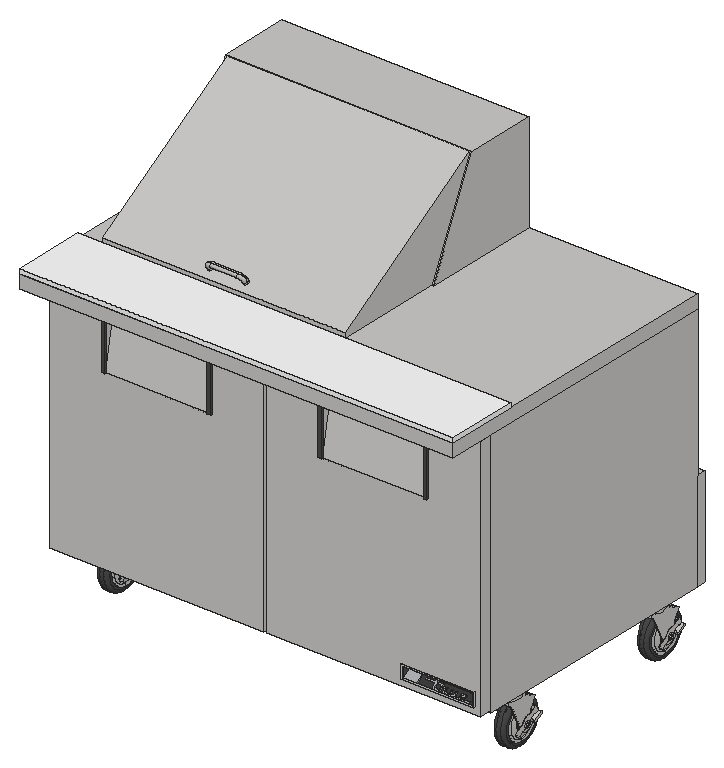
Revit family "QF_TRUE_TSSU-48-12M-B-HC_cat", category Specialty Equipment, Revit 2016
Family settings
  Part Type = Normal
  Round Connector Dimension = Use Diameter
  Work Plane-Based = No
  Always vertical = Yes
  Cut with Voids When Loaded = No
  Shared = No
  Room Calculation Point = No
Parameters
  Weight in Pounds = 340
  Watts = if(Phase = 3, Volts * FL Amps * 1.73, Volts * FL Amps)  # 667 W
  Volts = 115 V
  URL Cutsheet = ""
  Specification by User = ""
  Specification by Manufacturer = ""
  Show Seismic Flanged [instance] = no
  Show Logo [instance] = yes
  Show Legs [instance] = no
  Show Clearance [instance] = yes
  Show 6 Inches Castors [instance] = if(Show 2.5 Inches Castors, or(Show Legs, Show Seismic Flanged), if(Show Seismic Flanged, Show Legs, not(or(Show Legs, Show Seismic Flanged, Show 2.5 Inches Castors))))  # yes
  Show 2.5 Inches Castors [instance] = no
  Serial Number = ""
  Seismic Rating = ""
  Seismic Flanged [instance] = and(Show Seismic Flanged, not(Show 6 Inches Castors))  # no
  SMACNA No = ""
  Revision Code = ""
  Phase = 1
  Number of Poles = 1
  NAFEM Spec ID Number = ""
  Model = "TSSU-48-12M-B-HC"
  Min Ckt Ampacity = 0 A
  Max Overcurrent Protection = 0 A
  Masterspec = ""
  Manufacturer = "TRUE"
  Length = 48 5/16"
  Legs [instance] = and(not(Show 2.5 Inches Castors), or(Show Legs, Show Seismic Flanged))  # no
  Item Number = ""
  Installed By = ""
  Identify Quantity as Lot = yes
  Height = 46 15/32"
  HP = "1/3"
  Furnished By = ""
  Foodservice Equipment Identifier = yes
  FL Amps = 5.8 A
  Electrical Remarks = ""
  Electric Connection Type = ""
  Elec Conn RI Height = 33 11/16"
  Elec Conn Connection Height = 0"
  Description = "MEGA-TOP SOLID DOOR SANDWICH/SALAD UNIT WITH HYDROCARBON REFRIGERANT"
  Depth = 34 1/16"
  Cycle = 60 Hz
  Conn Plug = "NEMA 5-15P"
  Conn Conduit = yes
  CSI MasterFormat = ""
  Base Height [instance] = if(Show 6 Inches Castors, 6 3/16", if(Show 2.5 Inches Castors, 2 1/2", if(Show Legs, 6", if(Show Seismic Flanged, 6", 6 3/16"))))  # 6 3/16"
  Apparent Power = if(Phase = 3, Volts * FL Amps * 1.73, Volts * FL Amps)  # 667 VA
  2.5 Inches Castors [instance] = and(Show 2.5 Inches Castors, not(Show 6 Inches Castors))  # no
Reference planes (in)
  plane 1 "BACK": y = 0
  plane 2: z = 0
  plane 3 "LEFT": x = 0
  plane 4 "RIGHT": x = 48.3125
  plane 5 "FRONT": y = -34.0625
  plane 6 "TOP": z = 33.0625
  plane 7 "Center Y": x = 24.15625
  plane 8 "Center X": y = -17.03125
  plane 9: y = 1
  plane 10: y = -51.53125
  plane 11: x = 2.5
  plane 12: x = 45.8125
  plane 13: z = 6.1875
Forms (in)
  Extrusion 1, solid, material "QF_Metal - Stainless - Polished"
    sketch origin (48.3125, 1, 3.9375) x (-1, 0, 0) y (0, 0, 1)
      loop
        circle (24.15625, 10.73894) r 0.25
    from 0 to 1
Dimensions and locks (in)
  equal spacing: plane 3 "LEFT", plane 7 "Center Y", plane 4 "RIGHT"
  "Length": plane 3 "LEFT" to plane 4 "RIGHT"
  equal spacing: plane 5 "FRONT", plane 8 "Center X", plane 1 "BACK"
  "Depth": plane 5 "FRONT" to plane 1 "BACK"
  "Height": nested 5 to level
  plane 5 "FRONT" to plane 1 "BACK" = 34 1/16"
  nested 5 to level = 35 15/16"
  plane 4 "RIGHT" to plane 3 "LEFT" = 48 5/16"
  plane 10 to plane 9 = 52 17/32"
  plane 10 to plane 5 "FRONT" = 17 15/32"  (x2)
  plane 9 to plane 10 = 52 17/32"
  locked: plane 11 to plane 3 "LEFT" at 2.5
  locked: plane 12 to plane 4 "RIGHT" at 2.5
  plane 1 "BACK" to plane 9 = 1"
  nested 5 to nested 5 = 7.88411"
  nested 5 to nested 5 = 1/2"
  nested 5 to nested 5 = 18 27/32"
  nested 5 to plane 6 "TOP" to plane 13 = 2 7/8", 26 7/8"
  nested 5 to nested 5 to plane 4 "RIGHT" = 12 5/8", 19 5/8"
  "Base Height": plane 13 to level
  nested 5 to level = 51 7/32"
  nested 5 to nested 5 = 25 7/32"
  nested 5 to nested 5 = 7 7/8"
  nested 5 to nested 5 = 10 17/32"
  nested 5 to plane 13 = 40 9/32"
  nested 5 to nested 5 to plane 3 "LEFT" = 27 1/2", 1 31/32"
  aligned and locked: level to plane 2
  aligned and locked: plane 12 to nested 4
  aligned and locked: plane 12 to nested 2
Automatic sketch dimensions
  Extrusion 1 sketch curve to nested 5 = 2.63606"
  nested 5 to Extrusion 1 sketch curve = 24 5/32"
  radius of Extrusion 1 sketch curve = 1/4"
Nested families (in)
  nested 1: "CASTORS" at (2.5, -4.5, 0), Show 2.5" Casters <- "2.5 Inches Castors", Show Standard Legs <- "Legs", Show Seismic flanged legs <- "Seismic Flanged", Show 6" Casters <- "Show 6 Inches Castors", type "CASTORS"
    with Type Mark "", Status "", Specification by User "", Show Standard Legs no, Show Seismic flanged legs no, Show 6" Casters yes, Show 2.5" Casters no, Revision Code "", Key Locks yes, Item Number "", Installed By "", Identify Quantity as Lot yes, Furnished By "", Foodservice Equipment Identifier yes
  nested 2: "CASTORS" at (46.72297, -4.5, 0), Show 2.5" Casters <- "2.5 Inches Castors", Show Standard Legs <- "Legs", Show Seismic flanged legs <- "Seismic Flanged", Show 6" Casters <- "Show 6 Inches Castors", type "CASTORS"
    with Type Mark "", Status "", Specification by User "", Show Standard Legs no, Show Seismic flanged legs no, Show 6" Casters yes, Show 2.5" Casters no, Revision Code "", Key Locks yes, Item Number "", Installed By "", Identify Quantity as Lot yes, Furnished By "", Foodservice Equipment Identifier yes
  nested 3: "CASTORS" at (2.5, -24.5, 0), Show 2.5" Casters <- "2.5 Inches Castors", Show Standard Legs <- "Legs", Show Seismic flanged legs <- "Seismic Flanged", Show 6" Casters <- "Show 6 Inches Castors", type "CASTORS"
    with Type Mark "", Status "", Specification by User "", Show Standard Legs no, Show Seismic flanged legs no, Show 6" Casters yes, Show 2.5" Casters no, Revision Code "", Key Locks yes, Item Number "", Installed By "", Identify Quantity as Lot yes, Furnished By "", Foodservice Equipment Identifier yes
  nested 4: "CASTORS" at (46.72297, -24.5, 0), Show 2.5" Casters <- "2.5 Inches Castors", Show Standard Legs <- "Legs", Show Seismic flanged legs <- "Seismic Flanged", Show 6" Casters <- "Show 6 Inches Castors", type "CASTORS"
    with Type Mark "", Status "", Specification by User "", Show Standard Legs no, Show Seismic flanged legs no, Show 6" Casters yes, Show 2.5" Casters no, Revision Code "", Key Locks yes, Item Number "", Installed By "", Identify Quantity as Lot yes, Furnished By "", Foodservice Equipment Identifier yes
  nested 5: "TSSU-48-12M-B-HC" at (0, 0, 2.25), Show Clearance <- "Show Clearance", Show Logo <- "Show Logo", type "TSSU-48-12M-B-HC"
Connectors (in)
  electrical at (24.15625, 2, 14.67644), driven by "Volts", driven by "Apparent Power", driven by "Watts"
    settings: on Extrusion 1, index 1, voltage 115 V, apparent load 667 VA, apparent load phase1 667 VA, apparent load phase2 0 VA, apparent load phase3 0 VA, power factor 1, load classification "Other", number of poles 1, system type 30, power factor state 1, is connector primary yes, connector utility no, sub classification motor no, connector description "ELECTRICAL INLET"
Definition of nested family "CASTORS"
  Parameters (values of type "CASTORS")
    Weight = ""
    URL Manufacturer = ""
    URL Cutsheet = ""
    URL = ""
    Type Mark [instance] = ""
    Status [instance] = ""
    Specification by User [instance] = ""
    Specification by Manufacturer = ""
    Show Standard Legs [instance] = yes
    Show Seismic flanged legs [instance] = yes
    Show 6" Casters [instance] = yes
    Show 2.5" Casters [instance] = yes
    Serial Number = ""
    Seismic Rating = ""
    SMACNA No = ""
    Revision Code [instance] = ""
    Omniclass Number and Title = ""
    NAFEM Spec ID Number = ""
    Model = ""
    MasterSpec. = ""
    Manufacturer = ""
    Key Locks [instance] = yes
    Item Number [instance] = ""
    Installed By [instance] = ""
    Identify Quantity as Lot [instance] = yes
    Furnished By [instance] = ""
    Foodservice Equipment Identifier [instance] = yes
    Description = ""
    CSI MasterFormat = ""
    CSI Master Format = ""
    Assembly Code = ""
  Reference planes (in)
    plane 1: z = 0
    plane 2 "RIGHT": x = 0
    plane 3 "FRONT": y = 0
    plane 4 "TOP": z = 6
    plane 5: z = 6.1875
  Forms (in)
    Revolve 1, solid, visible <- "Show 6" Casters"
      sketch origin (0, 2.21793, 0) x (0, 1, 0) y (0, 0, 1)
        loop
          line (-2.21793, 6.1875) -> (-2.21793, 5.55584) -> (-0.93693, 5.55584) -> (-0.93693, 6.1875) -> (-2.21793, 6.1875)
        axis (-2.21793, 5.55584) -> (-2.21793, 6.1875)
      angle from 0 to 360
    Extrusion 2, solid, visible <- "Show 6" Casters"
      sketch origin (-1.81294, 2.21793, 0) x (0, 1, 0) y (0, 0, 1)
        loop
          line (-3.37793, 5.55584) -> (-3.37793, 5.25584) -> (-3.23369, 5.25584)
          arc (-3.23369, 5.25584) -> (-3.1238, 5.20977) -> (-3.03725, 5.12786) r 0.33195
          line (-3.03725, 5.12786) -> (-1.55521, 1.94961)
          arc (-1.55521, 1.94961) -> (-0.54268, 1.81523) -> (-0.22336, 2.78544) r 0.8
          arc (-0.22336, 2.78544) -> (-0.27816, 2.89808) -> (-0.34988, 3.00079) r 0.8
          arc (-0.34988, 3.00079) -> (-0.37005, 3.3613) -> (-0.26088, 3.70547) r 1
          line (-0.26088, 3.70547) -> (0.31507, 4.78867)
          arc (0.31507, 4.78867) -> (-0.09241, 4.97284) -> (-0.5252, 5.08531) r 2.63
          line (-0.5252, 5.08531) -> (-0.54193, 5.25584) -> (-1.05793, 5.25584) -> (-1.05793, 5.55584) -> (-3.37793, 5.55584)
      from 0.78968 to 0.90247
    Extrusion 3, solid, visible <- "Show 6" Casters"
      sketch origin (0.13094, 2.21793, 0) x (0, 1, 0) y (0, 0, 1)
        loop
          line (-3.37793, 5.55584) -> (-3.37793, 5.25584) -> (-3.23369, 5.25584)
          arc (-3.23369, 5.25584) -> (-3.1238, 5.20977) -> (-3.03725, 5.12786) r 0.33195
          line (-3.03725, 5.12786) -> (-1.55521, 1.94961)
          arc (-1.55521, 1.94961) -> (-0.54268, 1.81523) -> (-0.22336, 2.78544) r 0.8
          arc (-0.22336, 2.78544) -> (-0.27816, 2.89808) -> (-0.34988, 3.00079) r 0.8
          arc (-0.34988, 3.00079) -> (-0.37005, 3.3613) -> (-0.26088, 3.70547) r 1
          line (-0.26088, 3.70547) -> (0.31507, 4.78867)
          arc (0.31507, 4.78867) -> (-0.09241, 4.97284) -> (-0.5252, 5.08531) r 2.63
          line (-0.5252, 5.08531) -> (-0.54193, 5.25584) -> (-1.05793, 5.25584) -> (-1.05793, 5.55584) -> (-3.37793, 5.55584)
      from 0.78968 to 0.90247
    Extrusion 4, solid, visible <- "Show 6" Casters"
      sketch origin (-1.93794, 2.21793, 0) x (0, 1, 0) y (0, 0, 1)
        loop
          line (-3.37793, 5.55584) -> (-3.37793, 5.25584) -> (-3.23369, 5.25584) -> (-0.7432, 5.03796) -> (0.2811, 4.72479) -> (0.31507, 4.78867)
          arc (0.31507, 4.78867) -> (-0.09241, 4.97284) -> (-0.5252, 5.08531) r 2.63
          line (-0.5252, 5.08531) -> (-0.54193, 5.25584) -> (-1.05793, 5.25584) -> (-1.05793, 5.55584) -> (-3.37793, 5.55584)
      from 1.02747 to 2.85669
    Revolve 5, solid, visible <- "Show 6" Casters"
      sketch origin (-1.93794, 1.21343, 0) x (1, 0, 0) y (0, 0, 1)
        loop
          line (0.5843, 2.5041) -> (3.2907, 2.5041) -> (3.2907, 2.6421) -> (3.2407, 2.6921) -> (3.1807, 2.6921) -> (3.1807, 2.8278) -> (2.7025, 2.8278) -> (2.7025, 3.22009) -> (2.5625, 3.30092) -> (2.42847, 4.1291) -> (2.59375, 4.1291) -> (2.59375, 4.3791) -> (2.5625, 4.3791) -> (2.5625, 4.6291)
          arc (2.5625, 4.6291) -> (2.45267, 4.89426) -> (2.1875, 5.0041) r 0.375
          line (2.1875, 5.0041) -> (1.6875, 5.0041)
          arc (1.6875, 5.0041) -> (1.42233, 4.89426) -> (1.3125, 4.6291) r 0.375
          line (1.3125, 4.6291) -> (1.3125, 4.3791) -> (1.28125, 4.3791) -> (1.28125, 4.1291) -> (1.44653, 4.1291) -> (1.31307, 3.30443) -> (1.1725, 3.22327) -> (1.1725, 2.8278) -> (0.6943, 2.8278) -> (0.6943, 2.6921) -> (0.6343, 2.6921) -> (0.5843, 2.6421) -> (0.5843, 2.5041)
        axis (0.5843, 2.5041) -> (3.2907, 2.5041)
      angle from 0 to 360
    Extrusion 6, solid, visible <- "Show 6" Casters"
      sketch origin (1.125, 2.28164, 0.06473) x (0, 1, 0) y (0, 0, 1)
        loop
          line (-2.58496, 2.03961) -> (-2.48146, 1.86034)
          arc (-2.48146, 1.86034) -> (-2.2914, 1.71451) -> (-2.05389, 1.74578) r 0.313
          line (-2.05389, 1.74578) -> (-1.65224, 1.97767)
          arc (-1.65224, 1.97767) -> (-1.57675, 2.00894) -> (-1.49574, 2.01961) r 0.313
          line (-1.49574, 2.01961) -> (-0.75504, 2.01961)
          arc (-0.75504, 2.01961) -> (-0.50047, 2.10967) -> (-0.33862, 2.32583) r 0.46592
          arc (-0.33862, 2.32583) -> (-0.3435, 2.357) -> (-0.36609, 2.37904) r 0.05
          arc (-0.36609, 2.37904) -> (-0.62217, 2.51108) -> (-0.52795, 2.78336) r 0.22
          line (-0.52795, 2.78336) -> (0.14284, 3.17074)
          arc (0.14284, 3.17074) -> (0.24081, 3.14321) -> (0.21087, 3.04595) r 0.07109
          line (0.21087, 3.04595) -> (0.3415, 2.91533)
          arc (0.3415, 2.91533) -> (0.46473, 3.10362) -> (0.42979, 3.32592) r 0.313
          line (0.42979, 3.32592) -> (0.23309, 3.66661) -> (-0.54633, 3.21661)
          arc (-0.54633, 3.21661) -> (-0.67098, 3.20163) -> (-0.79652, 3.20306) r 0.9589
          arc (-0.79652, 3.20306) -> (-1.13602, 3.13035) -> (-1.38688, 2.89031) r 0.63657
          arc (-1.38688, 2.89031) -> (-1.45411, 2.76529) -> (-1.53273, 2.64711) r 1.51617
          line (-1.53273, 2.64711) -> (-1.89213, 2.43961) -> (-2.58496, 2.03961)
      from 0 to 0.0625
    Extrusion 7, solid, visible <- "Show 6" Casters"
      sketch origin (1.125, 2.28164, 0.06473) x (0, 1, 0) y (0, 0, 1)
        loop
          arc (-0.45692, 2.6604) -> (-0.48136, 2.54745) -> (-0.36656, 2.53415) r 0.078
          line (-0.36656, 2.53415) -> (0.3415, 2.91533)
          arc (0.3415, 2.91533) -> (0.44304, 3.03852) -> (0.47061, 3.19578) r 0.313
          line (0.47061, 3.19578) -> (-0.45692, 2.6604)
      from 0 to 0.5
    Extrusion 8, solid, visible <- "Show 6" Casters"
      sketch origin (-1.125, 2.28164, 0.06473) x (0, 1, 0) y (0, 0, -1)
        loop
          line (-2.58496, -2.03961) -> (-1.89213, -2.43961) -> (-1.53273, -2.64711)
          arc (-1.53273, -2.64711) -> (-1.45411, -2.76529) -> (-1.38688, -2.89031) r 1.51617
          arc (-1.38688, -2.89031) -> (-1.13602, -3.13035) -> (-0.79652, -3.20306) r 0.63657
          arc (-0.79652, -3.20306) -> (-0.67098, -3.20163) -> (-0.54633, -3.21661) r 0.9589
          line (-0.54633, -3.21661) -> (0.23309, -3.66661) -> (0.42979, -3.32592)
          arc (0.42979, -3.32592) -> (0.46473, -3.10362) -> (0.3415, -2.91533) r 0.313
          line (0.3415, -2.91533) -> (0.21087, -3.04595)
          arc (0.21087, -3.04595) -> (0.24081, -3.14321) -> (0.14284, -3.17074) r 0.07109
          line (0.14284, -3.17074) -> (-0.52795, -2.78336)
          arc (-0.52795, -2.78336) -> (-0.62217, -2.51108) -> (-0.36609, -2.37904) r 0.22
          arc (-0.36609, -2.37904) -> (-0.3435, -2.357) -> (-0.33862, -2.32583) r 0.05
          arc (-0.33862, -2.32583) -> (-0.50047, -2.10967) -> (-0.75504, -2.01961) r 0.46592
          line (-0.75504, -2.01961) -> (-1.49574, -2.01961)
          arc (-1.49574, -2.01961) -> (-1.57675, -2.00894) -> (-1.65224, -1.97767) r 0.313
          line (-1.65224, -1.97767) -> (-2.05389, -1.74578)
          arc (-2.05389, -1.74578) -> (-2.2914, -1.71451) -> (-2.48146, -1.86034) r 0.313
          line (-2.48146, -1.86034) -> (-2.58496, -2.03961)
      from 0 to 0.0625
    Extrusion 9, solid, visible <- "Show 6" Casters"
      sketch origin (-1.125, 2.28164, 0.06473) x (0, 1, 0) y (0, 0, -1)
        loop
          line (-0.45692, -2.6604) -> (0.47061, -3.19578)
          arc (0.47061, -3.19578) -> (0.44304, -3.03852) -> (0.3415, -2.91533) r 0.313
          line (0.3415, -2.91533) -> (-0.36656, -2.53415)
          arc (-0.36656, -2.53415) -> (-0.48136, -2.54745) -> (-0.45692, -2.6604) r 0.078
      from 0 to 0.5
    Revolve 10, solid, visible <- "Show Standard Legs"
      sketch origin (11.12172, 0, 0) x (-1, 0, 0) y (0, 0, -1)
        loop
          line (11.12172, -6.125) -> (11.12172, 0) -> (10.62172, 0) -> (10.62172, -1.30261) -> (10.37172, -1.30261) -> (10.37172, -6.125) -> (11.12172, -6.125)
        axis (11.12172, 0) -> (11.12172, -6.125)
      angle from 0 to 360
    Extrusion 11, solid, visible <- "Show Seismic flanged legs"
      sketch origin (0, 0, 0) x (1, 0, 0) y (0, 1, 0)
        loop
          circle (-0.00825, 0) r 1
      from 0 to 0.125
    Revolve 12, solid, visible <- "Show Seismic flanged legs"
      sketch origin (11.12172, 0, 0) x (-1, 0, 0) y (0, 0, -1)
        loop
          line (11.12172, -6.125) -> (11.12172, -0.125) -> (10.62172, -0.125) -> (10.62172, -1.30261) -> (10.37172, -1.30261) -> (10.37172, -6.125) -> (11.12172, -6.125)
        axis (11.12172, -0.125) -> (11.12172, -6.125)
      angle from 0 to 360
    Revolve 13, solid, visible <- "Show Standard Legs"
      sketch origin (-2.21793, 0, 0.25) x (-1, 0, 0) y (0, 0, 1)
        loop
          line (-2.21793, 5.875) -> (-2.21793, 5.55584) -> (-0.93693, 5.55584) -> (-0.93693, 5.875) -> (-2.21793, 5.875)
        axis (-2.21793, 5.55584) -> (-2.21793, 5.875)
      angle from 0 to 360
  Cuts and joins
    joined: Extrusion 2, Extrusion 3, Extrusion 4
  Lines and regions (in)
    symbolic lines, visible <- "Show 6" Casters"
      curve 1: line (0.70901, 2.6399, 0) -> (1.79507, 2.01286, 0)
      curve 2: line (-1.79099, -1.69023, 0) -> (-0.91599, -0.17468, 0)
      curve 3: line (-0.70493, -2.31727, 0) -> (-1.79099, -1.69023, 0)
      curve 4: line (1.79507, 2.01286, 0) -> (0.92007, 0.49732, 0)
      curve 5: line (-0.16599, 1.12436, 0) -> (0.70901, 2.6399, 0)
      curve 6: line (0.17007, -0.80172, 0) -> (-0.70493, -2.31727, 0)
  Dimensions and locks (in)
    plane 4 "TOP" to level = 6"  (x2)
    Revolve 5 sketch curve to Revolve 5 sketch curve = 2 1/2"
    plane 5 to level = 6 3/16"
    locked: Revolve 10 sketch curve to Revolve 10 sketch curve at 1.30261
    locked: Revolve 10 sketch curve to Revolve 10 sketch curve at 0.75
    locked: Revolve 12 sketch curve to Revolve 12 sketch curve at 0.75
    aligned and locked: level to plane 1
  Nested families (in)
    nested 1: "2.5 INCHES_CASTER" at (0, 0, 0), visible <- "Show 2.5" Casters", type "2.5 INCHES_CASTER"
      with Type Mark "", Specification by User "", Revision Code "", Item Number "", Installed By "", Identify Quantity as Lot yes, Furnished By "", Foodservice Equipment Identifier yes, 2.5 Inches Caster yes
  Definition of nested family "2.5 INCHES_CASTER"
    Parameters (values of type "2.5 INCHES_CASTER")
      Weight = ""
      URL Manufacturer = ""
      URL Cutsheet = ""
      URL = ""
      Type Mark [instance] = ""
      Specification by User [instance] = ""
      Specification by Manufacturer = ""
      Serial Number = ""
      Seismic Rating = ""
      SMACNA No = ""
      Revision Code [instance] = ""
      Omniclass Number and Title = ""
      NAFEM Spec ID Number = ""
      Model = ""
      MasterSpec. = ""
      Manufacturer = ""
      Item Number [instance] = ""
      Installed By [instance] = ""
      Identify Quantity as Lot [instance] = yes
      Furnished By [instance] = ""
      Foodservice Equipment Identifier [instance] = yes
      Description = ""
      CSI MasterFormat = ""
      CSI Master Format = ""
      Assembly Code = ""
      2.5 Inches Caster [instance] = yes
    Reference planes (in)
      plane 1: z = 0
      plane 2 "RIGHT": x = 0
      plane 3 "FRONT": y = 0
      plane 4 "TOP": z = 2.5
    Forms (in)
      Revolve 1, solid
        sketch origin (-1.93794, 0.46818, -1.0041) x (1, 0, 0) y (0, 0, 1)
          loop
            line (0.74055, 1.92597) -> (0.74055, 1.85047) -> (0.79055, 1.80047) -> (0.85055, 1.80047) -> (0.85055, 1.6804) -> (1.235, 1.6804) -> (1.235, 1.61305) -> (1.38673, 1.52545) -> (1.4003, 1.4416) -> (1.34375, 1.4416) -> (1.34375, 1.3166) -> (1.375, 1.3166) -> (1.375, 1.0041) -> (2.48438, 1.0041) -> (2.48438, 1.3166) -> (2.51563, 1.3166) -> (2.51563, 1.4416) -> (2.45908, 1.4416) -> (2.47322, 1.52897) -> (2.62438, 1.61624) -> (2.62438, 1.6804) -> (3.04007, 1.6804) -> (3.04007, 1.80047) -> (3.10007, 1.80047) -> (3.15007, 1.85047) -> (3.15007, 1.92597) -> (0.74055, 1.92597)
          axis (0.74055, 1.92597) -> (3.15007, 1.92597)
        angle from 0 to 360
      Extrusion 2, solid
        sketch origin (-1.93794, 1.43296, -3.2541) x (0, 1, 0) y (0, 0, 1)
          loop
            line (-0.64294, 5.43229) -> (-0.64294, 5.55298) -> (-2.21294, 5.55298) -> (-2.21294, 5.30272) -> (-1.81966, 5.30272)
            arc (-1.81966, 5.30272) -> (-1.13638, 5.20789) -> (-0.46376, 5.05475) r 8.02767
            arc (-0.46376, 5.05475) -> (-0.19511, 4.95469) -> (0.05138, 4.80832) r 1.60049
            line (0.05138, 4.80832) -> (0.12713, 4.91318)
            arc (0.12713, 4.91318) -> (-0.07255, 5.06376) -> (-0.29048, 5.18644) r 1.8753
            line (-0.29048, 5.18644) -> (-0.22239, 5.30423)
            arc (-0.22239, 5.30423) -> (-0.42776, 5.38437) -> (-0.64294, 5.43229) r 1.44292
        from 1.17357 to 2.70231
      Revolve 3, solid
        sketch origin (0, 1.73858, -3.75) x (0, 1, 0) y (0, 0, 1)
          loop
            line (-1.73858, 6.25) -> (-1.73858, 6.04889) -> (-1.05793, 6.04889) -> (-1.05793, 6.25) -> (-1.73858, 6.25)
          axis (-1.73858, 6.04889) -> (-1.73858, 6.25)
        angle from 0 to 360
      Extrusion 4, solid
        sketch origin (-1.98481, 1.43296, -1.7541) x (0, 1, 0) y (0, 0, 1)
          loop
            line (-2.21294, 4.05298) -> (-2.21294, 3.80272) -> (-2.13999, 3.80272)
            arc (-2.13999, 3.80272) -> (-1.62379, 3.51899) -> (-1.39241, 2.97729) r 0.90292
            arc (-1.39241, 2.97729) -> (-1.36136, 2.78161) -> (-1.29729, 2.59413) r 1.15385
            arc (-1.29729, 2.59413) -> (-0.94802, 2.37355) -> (-0.6121, 2.61396) r 0.37001
            arc (-0.6121, 2.61396) -> (-0.59625, 2.66241) -> (-0.58446, 2.712) r 0.61695
            arc (-0.58446, 2.712) -> (-0.36134, 3.11665) -> (0.05609, 3.31484) r 0.75313
            line (0.05609, 3.31484) -> (0.12713, 3.41318)
            arc (0.12713, 3.41318) -> (-0.07255, 3.56376) -> (-0.29048, 3.68644) r 1.8753
            line (-0.29048, 3.68644) -> (-0.22239, 3.80423)
            arc (-0.22239, 3.80423) -> (-0.42776, 3.88437) -> (-0.64294, 3.93229) r 1.44292
            line (-0.64294, 3.93229) -> (-0.64294, 4.05298) -> (-2.21294, 4.05298)
        from 2.74918 to 2.90825
      Extrusion 5, solid
        sketch origin (1.98481, 1.43296, -1.7541) x (0, 1, 0) y (0, 0, -1)
          loop
            line (-2.21294, -4.05298) -> (-0.64294, -4.05298) -> (-0.64294, -3.93229)
            arc (-0.64294, -3.93229) -> (-0.42776, -3.88437) -> (-0.22239, -3.80423) r 1.44292
            line (-0.22239, -3.80423) -> (-0.29048, -3.68644)
            arc (-0.29048, -3.68644) -> (-0.07255, -3.56376) -> (0.12713, -3.41318) r 1.8753
            line (0.12713, -3.41318) -> (0.05609, -3.31484)
            arc (0.05609, -3.31484) -> (-0.36134, -3.11665) -> (-0.58446, -2.712) r 0.75313
            arc (-0.58446, -2.712) -> (-0.59625, -2.66241) -> (-0.6121, -2.61396) r 0.61695
            arc (-0.6121, -2.61396) -> (-0.94802, -2.37355) -> (-1.29729, -2.59413) r 0.37001
            arc (-1.29729, -2.59413) -> (-1.36136, -2.78161) -> (-1.39241, -2.97729) r 1.15385
            arc (-1.39241, -2.97729) -> (-1.62379, -3.51899) -> (-2.13999, -3.80272) r 0.90292
            line (-2.13999, -3.80272) -> (-2.21294, -3.80272) -> (-2.21294, -4.05298)
        from 2.74918 to 2.90825
    Lines and regions (in)
      symbolic lines, visible <- "2.5 Inches Caster"
        curve 1: line (0.19673, 1.08498, 0) -> (0.89966, 0.67914, 0)
        curve 2: line (-0.80327, -0.64707, 0) -> (0.19673, 1.08498, 0)
        curve 3: line (-0.10034, -1.05291, 0) -> (-0.80327, -0.64707, 0)
        curve 4: line (0.89966, 0.67914, 0) -> (-0.10034, -1.05291, 0)
    Dimensions and locks (in)
      plane 4 "TOP" to level = 2 1/2"  (x2)
      aligned and locked: level to plane 1
Definition of nested family "TSSU-48-12M-B-HC"
  Parameters (values of type "TSSU-48-12M-B-HC")
    Show Logo [instance] = yes
    Show Clearance [instance] = yes
    Model = ""
    Manufacturer = ""
    Description = ""
  Reference planes (in)
    plane 1 "BACK": y = 0
    plane 2: z = 0
    plane 3 "LEFT": x = 0
    plane 4 "RIGHT": x = 48.3125
    plane 5 "FRONT": y = -34.0625
    plane 6 "TOP": z = 44.21875
    plane 7 "Center Y": x = 24.15625
    plane 8 "Center X": y = -17.03125
    plane 9: y = 1
    plane 10: y = -51.53125
    plane 11: x = 1.96875
    plane 12: x = 29.46875
    plane 13: z = 48.96875
    plane 14: y = -7.875
    plane 15: y = -25.21875
  Forms (in)
    Extrusion 1, solid, visible <- "Show Clearance", detail levels coarse
      sketch origin (0, -6.40625, 0) x (0, 1, 0) y (0, 0, 1)
        loop
          line (-1.46875, 44.21875) -> (-10.625, 48.96875)
          arc (-10.625, 48.96875) -> (-18.07661, 43.12723) -> (-18.8125, 33.6875) r 11.76674
          line (-18.8125, 33.6875) -> (-1.46875, 44.21875)
      from 2.21275 to 29.25
    Extrusion 2, solid
      sketch origin (0, 1, 0) x (0, 1, 0) y (0, 0, 1)
        loop
          line (-35.0625, 33.1875) -> (-35.0625, 31.6875) -> (-1, 31.6875) -> (-1, 33.1875) -> (-35.0625, 33.1875)
      from 0 to 48.3125
    Extrusion 3, solid
      sketch origin (0, 1, 0) x (0, 1, 0) y (0, 0, 1)
        loop
          line (-35.0625, 33.1875) -> (-27.0625, 33.1875) -> (-27.0625, 33.6875) -> (-35.0625, 33.6875) -> (-35.0625, 33.1875)
      from 0 to 48.3125
    Extrusion 4, solid
      sketch origin (0, 1, 0) x (0, 1, 0) y (0, 0, 1)
        loop
          line (-1, 44.21875) -> (-8.875, 44.21875) -> (-14.2553, 33.1875) -> (-1, 33.1875) -> (-1, 44.21875)
      from 1.96875 to 29.46875
    Extrusion 5, solid
      sketch origin (0, -5.90625, 0) x (0, 1, 0) y (0, 0, 1)
        loop
          line (-1.96875, 44.21875) -> (-19.3125, 33.6875) -> (-19.3125, 33.1875) -> (-7.34905, 33.1875) -> (-1.96875, 44.21875)
      from 2.21275 to 29.25
    Extrusion 6, solid
      sketch origin (0, 1, 0) x (0, 1, 0) y (0, 0, 1)
        loop
          line (-1, 31.6875) -> (-29.8125, 31.6875) -> (-29.8125, 3.9375) -> (-1, 3.9375) -> (-1, 31.6875)
      from 0 to 48.3125
    Extrusion 7, solid
      sketch origin (64.0625, -28.8125, 31.6875) x (0, 0, -1) y (-1, 0, 0)
        loop
          line (0.125, 63.9375) -> (0.125, 40.03125) -> (27.625, 40.03125) -> (27.625, 63.9375) -> (0.125, 63.9375)
        loop
          line (0.125, 15.875) -> (27.625, 15.875) -> (27.625, 39.78125) -> (0.125, 39.78125) -> (0.125, 15.875)
        loop
          line (1.46362, 58.04688) -> (1.46362, 45.92188) -> (7.96362, 45.92188) -> (7.96362, 58.04688) -> (1.46362, 58.04688)
        loop
          line (1.46362, 21.76562) -> (7.96362, 21.76562) -> (7.96362, 33.89062) -> (1.46362, 33.89062) -> (1.46362, 21.76562)
      from 0 to -1.25
    Extrusion 8, solid
      sketch origin (64.0625, -30.0625, 31.6875) x (0, 0, 1) y (-1, 0, 0)
        loop
          line (-7.96362, 58.04688) -> (-7.96362, 57.67188) -> (-1.96362, 57.67188) -> (-1.96362, 46.29688) -> (-7.96362, 46.29688) -> (-7.96362, 45.92188) -> (-1.46362, 45.92188) -> (-1.46362, 58.04688) -> (-7.96362, 58.04688)
        loop
          line (-7.96362, 21.76562) -> (-1.46362, 21.76562) -> (-1.46362, 33.89062) -> (-7.96362, 33.89062) -> (-7.96362, 33.51562) -> (-1.96362, 33.51562) -> (-1.96362, 22.14062) -> (-7.96362, 22.14062) -> (-7.96362, 21.76562)
      from 0 to 0.125
    Extrusion 9, solid
      sketch origin (0, 1, 0) x (0, 1, 0) y (0, 0, 1)
        loop
          line (-1, 3.9375) -> (0, 3.9375) -> (0, 15.0625) -> (-1, 15.0625) -> (-1, 3.9375)
      from 0 to 48.3125
    Revolve 10, solid
      sketch origin (6, 1, 0) x (0, 1, 0) y (0, 0, 1)
        loop
          line (-0.60959, 28.75269) -> (-1, 28.75269) -> (-1, 28.1431) -> (0, 28.1431)
          arc (0, 28.1431) -> (-0.17855, 28.57414) -> (-0.60959, 28.75269) r 0.60959
        axis (0, 28.1431) -> (-1, 28.1431)
      angle from 0 to 360
    Extrusion 11, solid
      sketch origin (-6.875, 1, 0) x (0, 1, 0) y (0, 0, 1)
        loop
          line (-1.5, 3.9375) -> (-25.97468, 3.9375) -> (-25.97468, 1.625) -> (-1.5, 1.625) -> (-1.5, 3.9375)
      from 22.9375 to 35.5625
    Extrusion 12, solid
      sketch origin (0, -0.25, 0) x (0, 1, 0) y (0, 0, 1)
        loop
          line (-29.8125, 23.72388) -> (-28.5625, 23.72388) -> (-28.5625, 30.22388) -> (-29.8125, 23.72388)
      from 17.76562 to 6.39062
    Extrusion 13, solid
      sketch origin (60.3125, -0.25, 0) x (0, 1, 0) y (0, 0, -1)
        loop
          line (-29.8125, -23.72388) -> (-28.5625, -30.22388) -> (-28.5625, -23.72388) -> (-29.8125, -23.72388)
      from 29.76562 to 18.39062
    Sweep 14, solid
      path origin (-4.81301, -6.70184, 3.45605) x (1, 0, 0) y (0, -0.498053, 0.867146)
        loop
          line (22.25, 35.4375) -> (22.25, 35.6875)
          arc (22.25, 35.6875) -> (22.10355, 36.04105) -> (21.75, 36.1875) r 0.5
          line (21.75, 36.1875) -> (18.75, 36.1875)
          arc (18.75, 36.1875) -> (18.39645, 36.04105) -> (18.25, 35.6875) r 0.5
          line (18.25, 35.6875) -> (18.25, 35.4375)
      profile origin (15.43699, -24.72514, 34.83591) x (0, 0.498053, -0.867146) y (0, -0.867146, -0.498053)
        loop
          circle (0, 0) r 0.25
    Revolve 15, solid
      sketch origin (42.3125, 1, 0) x (0, 1, 0) y (0, 0, -1)
        loop
          arc (-0.60959, -28.75269) -> (-0.17855, -28.57414) -> (0, -28.1431) r 0.60959
          line (0, -28.1431) -> (-1, -28.1431) -> (-1, -28.75269) -> (-0.60959, -28.75269)
        axis (0, -28.1431) -> (-1, -28.1431)
      angle from 0 to 360
    Extrusion 16, solid, visible <- "Show Clearance", detail levels coarse
      sketch origin (0, 0, 0) x (1, 0, 0) y (0, 1, 0)
        loop
          line (24.03125, -30.0625) -> (0.125, -30.0625) -> (0.125, -51.53093)
          arc (0.125, -51.53093) -> (16.22262, -45.41183) -> (24.03125, -30.0625) r 23.90625
        loop
          arc (24.28125, -30.0625) -> (32.08988, -45.41183) -> (48.1875, -51.53093) r 23.90625
          line (48.1875, -51.53093) -> (48.1875, -30.0625) -> (24.28125, -30.0625)
      from 3.9375 to 31.5625
  Lines and regions (in)
    symbolic lines
      curve 1: line (3.39732, -18.47127, 0) -> (27.87229, -18.47127, 0)
      curve 2: line (3.39732, -1.62306, 0) -> (3.39732, -18.47127, 0)
      curve 3: line (27.87229, -1.62306, 0) -> (3.39732, -1.62306, 0)
      curve 4: line (27.87229, -18.47127, 0) -> (27.87229, -1.62306, 0)
      curve 5: line (9.51606, -1.62306, 0) -> (9.51606, -18.47127, 0)
      curve 6: line (15.6348, -1.62306, 0) -> (15.6348, -18.47127, 0)
      curve 7: line (3.39732, -12.8552, 0) -> (27.87229, -12.8552, 0)
      curve 8: line (0, -34.0625, 0) -> (48.3125, -34.0625, 0)
      curve 9: line (0, 0, 0) -> (0, -34.0625, 0)
      curve 10: line (48.3125, 0, 0) -> (0, 0, 0)
      curve 11: line (48.3125, -34.0625, 0) -> (48.3125, 0, 0)
      curve 12: line (1.96875, 0, 0) -> (1.96875, -13.2553, 0)
      curve 13: line (1.96875, -6.125, 0) -> (29.46875, -6.125, 0)
      curve 14: line (29.46875, -13.2553, 0) -> (29.46875, 0, 0)
      curve 15: line (29.46875, -13.2553, 0) -> (28.96875, -13.2553, 0)
      curve 16: line (28.96875, -6.125, 0) -> (28.96875, -25.21875, 0)
      curve 17: line (28.96875, -25.21875, 0) -> (2.46875, -25.21875, 0)
      curve 18: line (2.46875, -25.21875, 0) -> (2.46875, -6.125, 0)
      curve 19: line (1.96875, -13.2553, 0) -> (2.46875, -13.2553, 0)
      curve 20: line (2.46875, -6.625, 0) -> (28.96875, -6.625, 0)
      curve 21: arc (5.82791, 0.39041, 0) -> (6.4375, 1, 0) -> (7.04709, 0.39041, 0) r 0.60959
      curve 22: line (5.82791, 0.39041, 0) -> (5.82791, 0, 0)
      curve 23: line (7.04709, 0, 0) -> (7.04709, 0.39041, 0)
      curve 24: arc (25.98459, 0.39041, 0) -> (25.375, 1, 0) -> (24.76541, 0.39041, 0) r 0.60959
      curve 25: line (25.98459, 0.39041, 0) -> (25.98459, 0, 0)
      curve 26: line (24.76541, 0, 0) -> (24.76541, 0.39041, 0)
      curve 27: line (0, -26.0625, 0) -> (48.3125, -26.0625, 0)
      curve 28: line (0.125, -34.0625, 0) -> (20.68274, -40.03447, 0)
      curve 29: arc (20.68274, -40.03447, 0) -> (22.18198, -37.13705, 0) -> (23.27278, -34.0625, 0) r 23.90625
      curve 30: line (48.1875, -34.0625, 0) -> (28.06726, -40.03447, 0)
      curve 31: arc (28.06726, -40.03447, 0) -> (26.53905, -37.1405, 0) -> (25.4271, -34.0625, 0) r 23.53341
      curve 32: line (21.31605, -1.62306, 0) -> (21.31605, -18.47127, 0)
      curve 33: line (3.39732, -7.23913, 0) -> (27.87229, -7.23913, 0)
  Dimensions and locks (in)
    equal spacing: plane 3 "LEFT", plane 7 "Center Y", plane 4 "RIGHT"
    plane 3 "LEFT" to plane 4 "RIGHT" = 48 5/16"
    equal spacing: plane 5 "FRONT", plane 8 "Center X", plane 1 "BACK"
    plane 5 "FRONT" to plane 1 "BACK" = 34 1/16"  (x2)
    plane 6 "TOP" to Extrusion 16 = 40 9/32"
    plane 4 "RIGHT" to plane 3 "LEFT" = 48 5/16"
    plane 13 to level = 48 31/32"  (x2)
    plane 10 to plane 9 = 52 17/32"
    plane 10 to plane 5 "FRONT" = 17 15/32"
    plane 4 "RIGHT" to plane 12 to plane 11 to plane 3 "LEFT" = 18 27/32", 27 1/2" locked, 1 31/32"
    plane 1 "BACK" to plane 9 = 1"
    plane 14 to plane 1 "BACK" = 7 7/8"
    plane 15 to plane 1 "BACK" = 25 7/32"
    plane 13 to Extrusion 3 = 15 9/32"
    plane 13 to Extrusion 3 to Extrusion 16 = 15 9/32", 29 3/4"
    Extrusion 16 to level = 3 15/16"
    Extrusion 3 to level = 33 11/16"
    level to Extrusion 6 = 3 15/16"
    aligned and locked: level to plane 2
    aligned and locked: curve 11 to plane 4 "RIGHT"
    aligned and locked: Extrusion 12 to Extrusion 8  (x2)
    aligned and locked: Extrusion 13 to Extrusion 8  (x2)
    aligned and locked: Extrusion 16 to Extrusion 7
    aligned and locked: Extrusion 6 to Extrusion 16
    aligned and locked: Extrusion 1 to Extrusion 5
    aligned and locked: Extrusion 5 to Extrusion 1
    aligned and locked: plane 5 "FRONT" to Extrusion 2
    aligned and locked: plane 5 "FRONT" to Extrusion 3
    aligned and locked: plane 6 "TOP" to Extrusion 4
    aligned and locked: Extrusion 4 to plane 12
    aligned and locked: nested 1 to Extrusion 16
    aligned and locked: plane 11 to Extrusion 4
  Automatic sketch dimensions
    Extrusion 1 sketch curve to plane 15 = 0"
    Extrusion 1 sketch curve to plane 8 "Center X" = 0"
    Extrusion 1 sketch curve to plane 6 "TOP" = 0"
    Extrusion 1 sketch curve to plane 14 = 0"
    Extrusion 1 sketch curve to plane 13 = 0"
    plane 8 "Center X" to Extrusion 1 sketch curve = 2.92022"
    Extrusion 1 sketch curve to Extrusion 1 sketch curve = 6.64862"
    Extrusion 2 sketch curve to plane 5 "FRONT" = 0"
    Extrusion 2 sketch curve to plane 1 "BACK" = 0"
    Extrusion 2 sketch curve to plane 6 "TOP" = 12 17/32"
    Extrusion 2 sketch curve to Extrusion 2 sketch curve = 1 1/2"
    Extrusion 3 sketch curve to plane 5 "FRONT" = 0"
    Extrusion 3 sketch curve to plane 15 = 27/32"
    Extrusion 3 sketch curve to plane 6 "TOP" = 11 1/32"
    Extrusion 3 sketch curve to Extrusion 3 sketch curve = 1/2"
    Extrusion 4 sketch curve to plane 6 "TOP" = 0"
    Extrusion 4 sketch curve to plane 14 = 0"
    Extrusion 4 sketch curve to plane 1 "BACK" = 0"
    plane 8 "Center X" to Extrusion 4 sketch curve = 3.77595"
    Extrusion 4 sketch curve to plane 6 "TOP" = 11 1/32"
    Extrusion 5 sketch curve to plane 15 = 0"
    Extrusion 5 sketch curve to plane 6 "TOP" = 0"
    Extrusion 5 sketch curve to plane 14 = 0"
    plane 8 "Center X" to Extrusion 5 sketch curve = 3.77595"
    Extrusion 5 sketch curve to plane 6 "TOP" = 10 17/32"
    Extrusion 5 sketch curve to plane 6 "TOP" = 11 1/32"
    Extrusion 6 sketch curve to plane 1 "BACK" = 0"
    Extrusion 6 sketch curve to plane 15 = 3 19/32"
    level to Extrusion 6 sketch curve = 3 15/16"
    Extrusion 6 sketch curve to plane 6 "TOP" = 12 17/32"
    plane 3 "LEFT" to Extrusion 7 sketch curve = 1/8"
    Extrusion 7 sketch curve to plane 6 "TOP" = 12 21/32"  (x2)
    plane 4 "RIGHT" to Extrusion 7 sketch curve = 1/8"
    Extrusion 7 sketch curve to Extrusion 7 sketch curve = 1.33862"  (x2)
    Extrusion 7 sketch curve to plane 12 = 45/64"
    Extrusion 7 sketch curve to Extrusion 7 sketch curve = 6 1/2"  (x2)
    level to Extrusion 7 sketch curve = 4 1/16"
    plane 7 "Center Y" to Extrusion 7 sketch curve = 1/8"
    Extrusion 7 sketch curve to Extrusion 7 sketch curve = 0"
    plane 4 "RIGHT" to Extrusion 7 sketch curve = 6 1/64"
    Extrusion 7 sketch curve to plane 7 "Center Y" = 1/8"
    Extrusion 7 sketch curve to plane 7 "Center Y" = 6 1/64"
    Extrusion 7 sketch curve to plane 11 = 4 3/64"
    Extrusion 8 sketch curve to Extrusion 7 = 0"  (x8)
    Extrusion 7 to Extrusion 8 sketch curve = 0"  (x2)
    Extrusion 7 to Extrusion 8 sketch curve = 1/2"  (x2)
    Extrusion 7 to Extrusion 8 sketch curve = 3/8"  (x3)
    Extrusion 8 sketch curve to Extrusion 8 sketch curve = 3/8"
    Extrusion 9 sketch curve to plane 1 "BACK" = 0"
    Extrusion 9 sketch curve to plane 9 = 0"
    level to Extrusion 9 sketch curve = 3 15/16"
    Extrusion 9 sketch curve to Extrusion 9 sketch curve = 11 1/8"
    Revolve 10 sketch curve to plane 1 "BACK" = 0"
    Revolve 10 sketch curve to plane 9 = 0"  (x2)
    Revolve 10 sketch curve to plane 1 "BACK" = 0.39041"
    Revolve 10 sketch curve to plane 6 "TOP" = 16.07565"
    Revolve 10 sketch curve to Revolve 10 sketch curve = 3 3/4"
    Revolve 10 sketch curve to Revolve 10 sketch curve = 0"
    plane 15 to Extrusion 11 sketch curve = 0.24407"
    plane 1 "BACK" to Extrusion 11 sketch curve = 1/2"
    level to Extrusion 11 sketch curve = 1 5/8"
    Extrusion 11 sketch curve to Extrusion 11 sketch curve = 2 5/16"
    Extrusion 12 sketch curve to plane 5 "FRONT" = 4"
    Extrusion 12 sketch curve to Extrusion 12 sketch curve = 1 1/4"
    Extrusion 12 sketch curve to plane 6 "TOP" = 20.49487"
    Extrusion 12 sketch curve to Extrusion 12 sketch curve = 6 1/2"
    Extrusion 13 sketch curve to plane 5 "FRONT" = 4"
    Extrusion 13 sketch curve to Extrusion 13 sketch curve = 1 1/4"
    Extrusion 13 sketch curve to plane 6 "TOP" = 13.99487"
    Extrusion 13 sketch curve to Extrusion 13 sketch curve = 6 1/2"
    Sweep 14 sketch curve to plane 7 "Center Y" = 10.71926"
    Sweep 14 sketch curve to Sweep 14 sketch curve = 1/2"  (x2)
    Sweep 14 sketch curve to Sweep 14 sketch curve = 3"
    Sweep 14 sketch curve to Sweep 14 sketch curve = 1/4"  (x2)
    Sweep 14 sketch curve to profile plane = 0"
    profile plane to Sweep 14 sketch curve = 0"
    Revolve 15 sketch curve to plane 1 "BACK" = 0"
    Revolve 15 sketch curve to plane 9 = 0"  (x2)
    Revolve 15 sketch curve to plane 1 "BACK" = 0.39041"
    Revolve 15 sketch curve to plane 6 "TOP" = 15.46606"
    Revolve 15 sketch curve to Revolve 15 sketch curve = 3 3/4"
    Revolve 15 sketch curve to Revolve 15 sketch curve = 0"
    plane 3 "LEFT" to Extrusion 16 sketch curve = 1/8"
    plane 3 "LEFT" to Extrusion 16 sketch curve = 0.24959"
    Extrusion 16 sketch curve to plane 7 "Center Y" = 1/8"
    plane 7 "Center Y" to Extrusion 16 sketch curve = 1/8"
    plane 4 "RIGHT" to Extrusion 16 sketch curve = 0.24959"
    plane 10 to Extrusion 16 sketch curve = 0.00032"  (x2)
    plane 4 "RIGHT" to Extrusion 16 sketch curve = 1/8"
    Extrusion 16 sketch curve to plane 5 "FRONT" = 4"
    Extrusion 16 sketch curve to Extrusion 16 sketch curve = 0"
    curve 27 to plane 3 "LEFT" = 0"
    plane 5 "FRONT" to curve 28 = 0"
    curve 13 to plane 11 = 0"
    curve 18 to plane 15 = 0"
    plane 1 "BACK" to curve 22 = 0"
    curve 14 to plane 12 = 0"
    plane 3 "LEFT" to curve 29 = 0.24959"
    curve 18 to plane 11 = 1/2"
    curve 3 to plane 11 = 1.42857"
    curve 22 to plane 1 "BACK" = 0.39041"
    curve 2 to curve 22 = 2.43059"
    curve 21 to curve 21 = 0.60959"
    curve 28 to plane 7 "Center Y" = 3.47351"
    plane 7 "Center Y" to curve 26 = 0.60916"
    curve 24 to plane 1 "BACK" = 0.39041"
    curve 24 to curve 24 = 0.60959"
    plane 12 to curve 1 = 1.59646"
    plane 12 to curve 30 = 1.40149"
    plane 12 to curve 17 = 1/2"
    plane 4 "RIGHT" to curve 31 = 0.24959"
    plane 5 "FRONT" to curve 28 = 5.97197"
    plane 5 "FRONT" to curve 30 = 5.97197"
    curve 31 to plane 15 = 2 13/32"
    curve 29 to plane 15 = 2 13/32"
    curve 2 to plane 8 "Center X" = 1.44002"
    curve 19 to plane 14 = 5.3803"
    curve 15 to plane 14 = 5.3803"
    plane 1 "BACK" to curve 2 = 1.62306"
    plane 3 "LEFT" to curve 28 = 1/8"
    curve 23 to curve 5 = 2.46897"
    curve 5 to curve 6 = 6.11874"
    curve 32 to plane 7 "Center Y" = 2.8402"
    plane 4 "RIGHT" to curve 30 = 1/8"
    curve 27 to plane 15 = 27/32"
    curve 19 to curve 7 = 0.4001"
    plane 14 to curve 33 = 0.63587"
    curve 33 to curve 20 = 0.61413"
    curve 20 to curve 16 = 1/2"
    radius of Sweep 14 sketch curve = 1/4"
  Nested families (in)
    nested 1: "QF_LOGO_TRUE" at (39.38039, -30.0625, 4.76961), Show Logo <- "Show Logo", type "QF_LOGO_TRUE", detail levels medium+fine
      with Show Logo yes
  Definition of nested family "QF_LOGO_TRUE"
    Parameters (values of type "QF_LOGO_TRUE")
      Show Logo [instance] = yes
    Reference planes (in)
      plane 1 "Center (Front/Back)": y = 0
      plane 2: z = 0
      plane 3 "Center (Left/Right)": x = 0
    Forms (in)
      Extrusion 1, solid, visible <- "Show Logo", detail levels medium+fine
        sketch origin (-78.34647, 34.76905, -30.51001) x (1, 0, 0) y (0, 0, 1)
          loop
            line (81.15226, 31.65456) -> (81.07353, 31.48573) -> (82.12083, 31.48573)
            arc (82.12083, 31.48573) -> (82.14208, 31.44814) -> (82.12083, 31.41055) r 0.04386
            line (82.12083, 31.41055) -> (81.84767, 30.82478)
            arc (81.84767, 30.82478) -> (81.84531, 30.77052) -> (81.882, 30.73048) r 0.07096
            line (81.882, 30.73048) -> (82.55165, 30.73048)
            arc (82.55165, 30.73048) -> (82.63621, 30.75714) -> (82.69019, 30.82748) r 0.14742
            line (82.69019, 30.82748) -> (82.90515, 31.28847) -> (83.10265, 31.28847)
            arc (83.10265, 31.28847) -> (83.15447, 31.26942) -> (83.14697, 31.21472) r 0.04405
            line (83.14697, 31.21472) -> (82.9671, 30.82899)
            arc (82.9671, 30.82899) -> (82.9699, 30.76493) -> (83.02398, 30.73048) r 0.06943
            line (83.02398, 30.73048) -> (83.6124, 30.73048)
            arc (83.6124, 30.73048) -> (83.65748, 30.74689) -> (83.68147, 30.78844) r 0.07014
            arc (83.68147, 30.78844) -> (83.69845, 30.74745) -> (83.73943, 30.73048) r 0.05796
            line (83.73943, 30.73048) -> (84.112, 30.73048)
            arc (84.112, 30.73048) -> (84.15504, 30.74201) -> (84.18655, 30.77352) r 0.08608
            arc (84.18655, 30.77352) -> (84.20164, 30.7371) -> (84.23806, 30.72202) r 0.0515
            line (84.23806, 30.72202) -> (84.76757, 30.72202)
            arc (84.76757, 30.72202) -> (84.81086, 30.73995) -> (84.8288, 30.78324) r 0.06122
            arc (84.8288, 30.78324) -> (84.86848, 30.74355) -> (84.92269, 30.72903) r 0.10842
            line (84.92269, 30.72903) -> (85.91461, 30.72903) -> (86.02479, 30.91987) -> (85.0243, 30.91987)
            arc (85.0243, 30.91987) -> (84.99669, 30.93902) -> (84.99566, 30.97261) r 0.03732
            line (84.99566, 30.97261) -> (85.01297, 31.00972)
            arc (85.01297, 31.00972) -> (85.03954, 31.04453) -> (85.0813, 31.05774) r 0.07263
            line (85.0813, 31.05774) -> (85.40289, 31.05774)
            arc (85.40289, 31.05774) -> (85.4723, 31.07633) -> (85.52311, 31.12715) r 0.13882
            line (85.52311, 31.12715) -> (85.61625, 31.28847)
            arc (85.61625, 31.28847) -> (85.61625, 31.37458) -> (85.54168, 31.41763) r 0.08611
            line (85.54168, 31.41763) -> (85.20227, 31.41763)
            arc (85.20227, 31.41763) -> (85.11574, 31.40294) -> (85.05538, 31.33923) r 0.13863
            line (85.05538, 31.33923) -> (84.89409, 30.99333)
            arc (84.89409, 30.99333) -> (84.84649, 30.9313) -> (84.77191, 30.90778) r 0.13002
            line (84.77191, 30.90778) -> (84.41984, 30.90778)
            arc (84.41984, 30.90778) -> (84.3777, 30.95378) -> (84.38042, 31.0161) r 0.08151
            line (84.38042, 31.0161) -> (84.56766, 31.41763) -> (84.44849, 31.41763) -> (84.25012, 30.99222)
            arc (84.25012, 30.99222) -> (84.21158, 30.94199) -> (84.15119, 30.92296) r 0.10527
            line (84.15119, 30.92296) -> (83.90842, 30.92296)
            arc (83.90842, 30.92296) -> (83.8674, 30.97642) -> (83.87619, 31.04323) r 0.08805
            line (83.87619, 31.04323) -> (84.05078, 31.41763) -> (83.92772, 31.41763) -> (83.72676, 30.98668)
            arc (83.72676, 30.98668) -> (83.68011, 30.94003) -> (83.61639, 30.92296) r 0.12745
            line (83.61639, 30.92296) -> (83.26484, 30.92296)
            arc (83.26484, 30.92296) -> (83.2017, 30.9524) -> (83.19563, 31.0218) r 0.06967
            line (83.19563, 31.0218) -> (83.31118, 31.26961) -> (83.47452, 31.26961)
            arc (83.47452, 31.26961) -> (83.50209, 31.35268) -> (83.56075, 31.41763) r 0.21289
            line (83.56075, 31.41763) -> (82.92244, 31.41763)
            arc (82.92244, 31.41763) -> (82.85151, 31.40191) -> (82.80242, 31.34834) r 0.12081
            line (82.80242, 31.34834) -> (82.6294, 30.9773)
            arc (82.6294, 30.9773) -> (82.58962, 30.93752) -> (82.53528, 30.92296) r 0.10869
            line (82.53528, 30.92296) -> (82.1542, 30.92296)
            arc (82.1542, 30.92296) -> (82.12446, 30.96315) -> (82.13012, 31.01283) r 0.06822
            line (82.13012, 31.01283) -> (82.38156, 31.48573) -> (83.01596, 31.48573) -> (83.09469, 31.65456) -> (82.46029, 31.65456) -> (82.53902, 31.8234) -> (82.31334, 31.8234) -> (82.23461, 31.65456) -> (81.15226, 31.65456)
          loop
            arc (85.15937, 31.26434) -> (85.13191, 31.25698) -> (85.1118, 31.23688) r 0.05494
            line (85.1118, 31.23688) -> (85.09547, 31.18665)
            arc (85.09547, 31.18665) -> (85.10304, 31.16837) -> (85.12133, 31.16079) r 0.02586
            line (85.12133, 31.16079) -> (85.39889, 31.16079)
            arc (85.39889, 31.16079) -> (85.41888, 31.16523) -> (85.43513, 31.1777) r 0.04731
            line (85.43513, 31.1777) -> (85.44863, 31.2402)
            arc (85.44863, 31.2402) -> (85.44466, 31.25693) -> (85.42914, 31.26434) r 0.01994
            line (85.42914, 31.26434) -> (85.15937, 31.26434)
          loop
            line (78.62961, 30.74125) -> (80.12032, 30.74125) -> (80.73891, 31.81268) -> (79.2482, 31.81268) -> (78.62961, 30.74125)
        from 34.76797 to 34.83173
      Extrusion 2, solid, visible <- "Show Logo", detail levels medium+fine
        sketch origin (-142.84857, 34.75108, -33.3546) x (1, 0, 0) y (0, 0, 1)
          loop
            line (150.81107, 34.71978) -> (142.98607, 34.71978) -> (142.98607, 33.4921) -> (150.81107, 33.4921) -> (150.81107, 34.71978)
        from 34.75108 to 34.78125
      Extrusion 3, solid, visible <- "Show Logo", detail levels medium+fine
        sketch origin (-142.84857, 34.75108, -33.3546) x (1, 0, 0) y (0, 0, 1)
          loop
            line (150.94857, 34.85727) -> (142.84857, 34.85727) -> (142.84857, 33.3546) -> (150.94857, 33.3546) -> (150.94857, 34.85727)
          loop
            line (142.98607, 34.71978) -> (142.98607, 33.4921) -> (150.81107, 33.4921) -> (150.81107, 34.71978) -> (142.98607, 34.71978)
        from 34.75108 to 34.81376
      Extrusion 4, solid, not visible
        sketch origin (121.45701, -16.5, 4.98235) x (1, 0, 0) y (0, 0, 1)
          loop
            line (25.20115, 35.89949) -> (25.20115, 33.96647) -> (30.95381, 33.96647) -> (30.95381, 35.89949) -> (25.20115, 35.89949)
        from 31.5 to 31.54261
      Extrusion 5, solid, not visible
        sketch origin (121.45701, -16.5, 4.98235) x (1, 0, 0) y (0, 0, 1)
          loop
            line (26.7387, 34.95472) -> (26.61492, 34.49276) -> (27.038, 34.49276)
            arc (27.038, 34.49276) -> (27.13117, 34.52484) -> (27.18485, 34.60749) r 0.15134
            arc (27.18485, 34.60749) -> (27.20396, 34.68138) -> (27.22435, 34.75493) r 4.37326
            arc (27.22435, 34.75493) -> (27.23458, 34.81765) -> (27.22435, 34.88037) r 0.1974
            arc (27.22435, 34.88037) -> (27.18247, 34.93579) -> (27.11563, 34.95472) r 0.10914
            line (27.11563, 34.95472) -> (26.7387, 34.95472)
          loop
            line (26.90201, 34.80638) -> (26.84645, 34.59903) -> (26.92855, 34.59903)
            arc (26.92855, 34.59903) -> (26.98205, 34.6185) -> (27.01051, 34.6678) r 0.08322
            line (27.01051, 34.6678) -> (27.02399, 34.74424)
            arc (27.02399, 34.74424) -> (27.01491, 34.78454) -> (26.97985, 34.80638) r 0.05353
            line (26.97985, 34.80638) -> (26.90201, 34.80638)
          loop
            line (27.45336, 34.66131) -> (27.76233, 34.66131) -> (27.78859, 34.73909)
            arc (27.78859, 34.73909) -> (27.7878, 34.82039) -> (27.73107, 34.87864) r 0.10925
            arc (27.73107, 34.87864) -> (27.68233, 34.8944) -> (27.63139, 34.89974) r 0.24595
            line (27.63139, 34.89974) -> (27.46708, 34.89974)
            arc (27.46708, 34.89974) -> (27.4068, 34.88073) -> (27.3535, 34.84677) r 0.2421
            arc (27.3535, 34.84677) -> (27.2897, 34.76363) -> (27.26702, 34.66131) r 0.2421
            line (27.26702, 34.66131) -> (27.26702, 34.54477)
            arc (27.26702, 34.54477) -> (27.31618, 34.4956) -> (27.38334, 34.47761) r 0.13431
            line (27.38334, 34.47761) -> (27.59054, 34.47761)
            arc (27.59054, 34.47761) -> (27.63459, 34.48281) -> (27.67622, 34.49812) r 0.18924
            line (27.67622, 34.49812) -> (27.73102, 34.61563)
            arc (27.73102, 34.61563) -> (27.68453, 34.59565) -> (27.63566, 34.58252) r 0.35376
            arc (27.63566, 34.58252) -> (27.55885, 34.56956) -> (27.48204, 34.58252) r 0.23415
            arc (27.48204, 34.58252) -> (27.44492, 34.61362) -> (27.45336, 34.66131) r 0.04838
          loop
            line (27.4842, 34.73042) -> (27.62012, 34.73042) -> (27.62621, 34.76496)
            arc (27.62621, 34.76496) -> (27.58961, 34.80242) -> (27.53739, 34.80638) r 0.0742
            arc (27.53739, 34.80638) -> (27.49747, 34.77773) -> (27.4842, 34.73042) r 0.0742
          loop
            line (27.91616, 34.97572) -> (27.78675, 34.49276) -> (27.98645, 34.49276) -> (28.11586, 34.97572) -> (27.91616, 34.97572)
          loop
            line (28.13678, 34.66131) -> (28.08755, 34.47761) -> (28.27134, 34.47761) -> (28.32056, 34.66131) -> (28.43674, 34.66131) -> (28.47974, 34.78864) -> (28.36519, 34.78864)
            arc (28.36519, 34.78864) -> (28.35733, 34.81649) -> (28.36921, 34.84288) r 0.04231
            arc (28.36921, 34.84288) -> (28.431, 34.8652) -> (28.49617, 34.85686) r 0.13988
            line (28.49617, 34.85686) -> (28.53544, 34.97317)
            arc (28.53544, 34.97317) -> (28.39725, 34.99096) -> (28.25905, 34.97317) r 0.54546
            arc (28.25905, 34.97317) -> (28.20849, 34.91994) -> (28.18197, 34.85147) r 0.1894
            line (28.18197, 34.85147) -> (28.17089, 34.78864) -> (28.11397, 34.78864) -> (28.07985, 34.66131) -> (28.13678, 34.66131)
          loop
            arc (28.74846, 34.89756) -> (28.65884, 34.88533) -> (28.56922, 34.89756) r 0.33455
            line (28.56922, 34.89756) -> (28.45669, 34.47761) -> (28.63593, 34.47761) -> (28.74846, 34.89756)
          loop
            arc (28.60398, 35.01195) -> (28.57699, 34.97173) -> (28.60398, 34.9315) r 0.04347
            line (28.60398, 34.9315) -> (28.75755, 34.9315)
            arc (28.75755, 34.9315) -> (28.78645, 34.96687) -> (28.77911, 35.01195) r 0.0556
            line (28.77911, 35.01195) -> (28.60398, 35.01195)
          loop
            line (28.95336, 34.66131) -> (29.26233, 34.66131) -> (29.28859, 34.73909)
            arc (29.28859, 34.73909) -> (29.2878, 34.82039) -> (29.23107, 34.87864) r 0.10925
            arc (29.23107, 34.87864) -> (29.18233, 34.8944) -> (29.13139, 34.89974) r 0.24595
            line (29.13139, 34.89974) -> (28.96708, 34.89974)
            arc (28.96708, 34.89974) -> (28.9068, 34.88073) -> (28.8535, 34.84677) r 0.2421
            arc (28.8535, 34.84677) -> (28.7897, 34.76363) -> (28.76702, 34.66131) r 0.2421
            line (28.76702, 34.66131) -> (28.76702, 34.54477)
            arc (28.76702, 34.54477) -> (28.81618, 34.4956) -> (28.88334, 34.47761) r 0.13431
            line (28.88334, 34.47761) -> (29.09054, 34.47761)
            arc (29.09054, 34.47761) -> (29.13459, 34.48281) -> (29.17622, 34.49812) r 0.18924
            line (29.17622, 34.49812) -> (29.23102, 34.61563)
            arc (29.23102, 34.61563) -> (29.18453, 34.59565) -> (29.13566, 34.58252) r 0.35376
            arc (29.13566, 34.58252) -> (29.05885, 34.56956) -> (28.98204, 34.58252) r 0.23415
            arc (28.98204, 34.58252) -> (28.94492, 34.61362) -> (28.95336, 34.66131) r 0.04838
          loop
            line (28.9842, 34.73042) -> (29.12012, 34.73042) -> (29.12621, 34.76496)
            arc (29.12621, 34.76496) -> (29.08961, 34.80242) -> (29.03739, 34.80638) r 0.0742
            arc (29.03739, 34.80638) -> (28.99747, 34.77773) -> (28.9842, 34.73042) r 0.0742
          loop
            line (29.41616, 34.97572) -> (29.28675, 34.49276) -> (29.48645, 34.49276) -> (29.61586, 34.97572) -> (29.41616, 34.97572)
          loop
            line (29.99836, 34.97572) -> (29.95192, 34.80242)
            arc (29.95192, 34.80242) -> (29.94473, 34.85705) -> (29.90102, 34.89059) r 0.07199
            arc (29.90102, 34.89059) -> (29.80023, 34.89941) -> (29.70251, 34.87322) r 0.29131
            arc (29.70251, 34.87322) -> (29.61806, 34.7652) -> (29.5896, 34.63108) r 0.30433
            line (29.5896, 34.63108) -> (29.5896, 34.55572)
            arc (29.5896, 34.55572) -> (29.61075, 34.50463) -> (29.66184, 34.48348) r 0.07224
            line (29.66184, 34.48348) -> (29.78537, 34.48348)
            arc (29.78537, 34.48348) -> (29.83854, 34.51313) -> (29.88504, 34.55243) r 0.31609
            line (29.88504, 34.55243) -> (29.86905, 34.49276) -> (30.05973, 34.49276) -> (30.18914, 34.97572) -> (29.99836, 34.97572)
          loop
            arc (29.84537, 34.75931) -> (29.79424, 34.71128) -> (29.77745, 34.64317) r 0.12371
            arc (29.77745, 34.64317) -> (29.80071, 34.59901) -> (29.85056, 34.59647) r 0.05045
            arc (29.85056, 34.59647) -> (29.90141, 34.64047) -> (29.92536, 34.7033) r 0.13769
            arc (29.92536, 34.7033) -> (29.90211, 34.75521) -> (29.84537, 34.75931) r 0.05543
          loop
            line (26.45047, 35.26762) -> (26.58211, 35.26762)
            arc (26.58211, 35.26762) -> (26.60467, 35.30821) -> (26.62126, 35.35157) r 0.3277
            arc (26.62126, 35.35157) -> (26.62714, 35.39992) -> (26.60877, 35.44503) r 0.09693
            arc (26.60877, 35.44503) -> (26.56454, 35.48868) -> (26.50462, 35.50516) r 0.12312
            arc (26.50462, 35.50516) -> (26.44158, 35.50565) -> (26.37854, 35.50546) r 5.76967
            arc (26.37854, 35.50546) -> (26.07462, 35.42923) -> (25.81045, 35.26076) r 0.97743
            line (25.81045, 35.26076) -> (25.85921, 35.26076)
            arc (25.85921, 35.26076) -> (26.08494, 35.39361) -> (26.3396, 35.45485) r 0.88817
            arc (26.3396, 35.45485) -> (26.41429, 35.44188) -> (26.47267, 35.39352) r 0.14748
            arc (26.47267, 35.39352) -> (26.48041, 35.32725) -> (26.45047, 35.26762) r 0.11636
          loop
            arc (26.35412, 35.17841) -> (26.19578, 35.0555) -> (26.00982, 34.98069) r 0.72453
            arc (26.00982, 34.98069) -> (25.9036, 34.95581) -> (25.79459, 34.9604) r 0.40201
            arc (25.79459, 34.9604) -> (25.7275, 34.98819) -> (25.69972, 35.05528) r 0.09488
            arc (25.69972, 35.05528) -> (25.71867, 35.12629) -> (25.77049, 35.17841) r 0.1425
            line (25.77049, 35.17841) -> (25.73665, 35.18748)
            arc (25.73665, 35.18748) -> (25.67632, 35.09876) -> (25.66924, 34.99171) r 0.20432
            arc (25.66924, 34.99171) -> (25.71443, 34.9227) -> (25.79473, 34.90384) r 0.11116
            arc (25.79473, 34.90384) -> (25.91172, 34.89904) -> (26.02716, 34.91862) r 0.56145
            arc (26.02716, 34.91862) -> (26.27675, 35.021) -> (26.49584, 35.17841) r 1.15683
            line (26.49584, 35.17841) -> (26.35412, 35.17841)
        from 31.54261 to 31.56272
    Dimensions and locks (in)
      aligned and locked: level to plane 2
      aligned and locked: Extrusion 2 to Extrusion 3  (x2)
      aligned and locked: Extrusion 2 sketch curve to Extrusion 3
